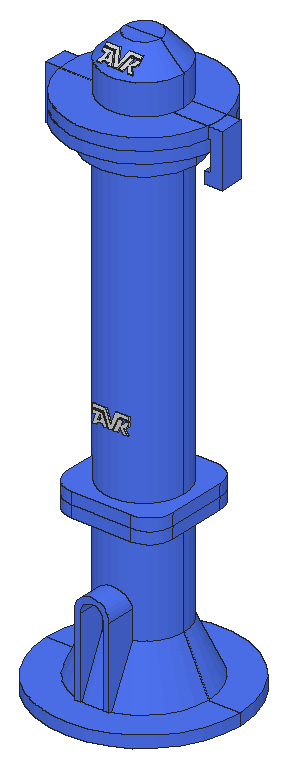
Revit family "35-72-003-DN125", category Pipe Accessories, Revit 2019
Family settings
  Round Connector Dimension = Use Diameter
  Part Type = Valve - Breaks Into
  Work Plane-Based = No
  Always vertical = Yes
  Cut with Voids When Loaded = No
  Shared = No
Parameters (values of type "DN125-1000")
  W = 150.00 mm
  URL product pages = "https://www.avkvalves.com"
  Top_Height_reference = 179.00 mm - 68.00 mm  # 111.00 mm
  Top_Flange_Thickness = Bottom_Flange_Thickness * 2  # 40.00 mm
  Top_Flange = 127.50 mm
  Search_Table = "35-72-003-DN125"
  H6 = size_lookup(Search_Table, "H6", 0.00 mm, [Nominal Diameter (DN)])  # 585.00 mm
  H3 = size_lookup(Search_Table, "H3", 0.00 mm, [Nominal Diameter (DN)])  # 1000.00 mm
  Flange_width_3 = if([Nominal Diameter (DN)] > 125.03 mm, 180.00 mm, if([Nominal Diameter (DN)] > 125.01 mm, 100.00 mm, 100.00 mm))  # 100.00 mm
  Flange_width_2 = Flange_width / 2  # 90.00 mm
  Flange_width = 180.00 mm  # constant formula
  Fillet = 40.00 mm  # constant formula
  Nominal Diameter (DN) = 125.01 mm
  Description_ = "AVK UNDERGROUND FIRE HYDRANT, GOST"
  DN125-4000 = "35-125-72-201000"
  DN125-3750 = "35-125-72-191000"
  DN125-3500 = "35-125-72-181000"
  DN125-3250 = "35-125-72-171000"
  DN125-3000 = "35-125-72-161000"
  DN125-2750 = "35-125-72-151000"
  DN125-2500 = "35-125-72-141000"
  DN125-2250 = "35-125-72-131000"
  DN125-2000 = "35-125-72-121000"
  DN125-1750 = "35-125-72-111000"
  DN125-1500 = "35-125-72-101000"
  DN125-1250 = "35-125-72-091000"
  DN125-1000 = "35-125-72-081000"
  Bottom_Flange_Thickness = 20.00 mm  # constant formula
  Bottom_Flange_Dia = 330.00 mm / 2  # 165.00 mm
  Bottom_Chamfer = 110.00 mm  # constant formula
Types (14, lengths in mm): name | W | URL product pages | Top_Flange | H6 | H3 | Flange_width_3 | Nominal Diameter (DN)
  (no name) | 150.00 | "https://www.avkvalves.com" | 127.50 | 585.00 | 1000.00 | 100.00 | 125.01
  DN125-1000 | 150.00 | "https://www.avkvalves.com" | 127.50 | 585.00 | 1000.00 | 100.00 | 125.01
  DN125-1250 | 127.50 | "https://www.avkvalves.com" | 165.00 | 835.00 | 1250.00 | 100.00 | 125.02
  DN125-1500 | 127.50 | "https://www.avkvalves.com" | 165.00 | 1085.00 | 1500.00 | 100.00 | 125.03
  DN125-1750 | 127.50 | "https://www.avkvalves.com" | 165.00 | 1085.00 | 1750.00 | 180.00 | 125.04
  DN125-2000 | 127.50 | "https://www.avkvalves.com" | 165.00 | 1085.00 | 2000.00 | 180.00 | 125.05
  DN125-2250 | 127.50 | "https://www.avkvalves.com" | 165.00 | 1085.00 | 2250.00 | 180.00 | 125.06
  DN125-2500 | 127.50 | "https://www.avkvalves.com" | 165.00 | 1085.00 | 2500.00 | 180.00 | 125.07
  DN125-2750 | 127.50 | "https://www.avkvalves.com" | 165.00 | 1085.00 | 2750.00 | 180.00 | 125.08
  DN125-3000 | 127.50 | "https://www.avkvalves.com" | 165.00 | 1085.00 | 3000.00 | 180.00 | 125.09
  DN125-3250 | 127.50 | "https://www.avkvalves.com" | 165.00 | 1085.00 | 3250.00 | 180.00 | 125.10
  DN125-3500 | 127.50 | "https://www.avkvalves.com" | 165.00 | 1085.00 | 3500.00 | 180.00 | 125.11
  DN125-3750 | 127.50 | "https://www.avkvalves.com" | 165.00 | 1085.00 | 3750.00 | 180.00 | 125.12
  DN125-4000 | 127.50 | "https://www.avkvalves.com\r\nhttps://www.avkvalves.com\r\nhttps://www.avkvalves.com" | 165.00 | 1085.00 | 4000.00 | 180.00 | 125.13
Reference planes
  plane 1 "Center (Front/Back)": y = 0
  plane 2: z = 0
  plane 3 "Center (Left/Right)": x = 0
  plane 4: z = 280
  plane 5: y = 90
  plane 6: y = -90
  plane 7: x = -90
  plane 8: x = 90
  plane 9: y = 50
  plane 10: y = -50
  plane 11: x = -50
  plane 12: x = 50
  plane 13: y = 90
  plane 14: y = -90
  plane 15: x = -90
  plane 16: x = 90
  plane 17: y = 50
  plane 18: y = -50
  plane 19: x = -50
  plane 20: x = 50
  plane 21: z = 300
  plane 22: z = 320
  plane 23: z = 889
  plane 24: z = 869
  plane 25: z = 909
  plane 26: z = 1000
  plane 27: y = 20
  plane 28: y = -20
  plane 29: z = 304
  plane 30: y = 50
  plane 31: y = -50
  plane 32: x = -50
  plane 33: x = 50
  plane 34: y = 10
  plane 35: y = -10
  plane 36: x = -10
  plane 37: x = 10
  plane 38: z = 324
  plane 39: z = 284
  plane 40: y = 50
  plane 41: y = -50
  plane 42: x = -50
  plane 43: x = 50
  plane 44: y = 10
  plane 45: y = -10
  plane 46: x = -10
  plane 47: x = 10
  plane 48: x = -29.47
  plane 49: x = 29.47
  plane 50: z = 155.963
  plane 51: x = -19.47
  plane 52: x = 19.47
  plane 53: y = -110
Forms (mm)
  Revolve 1, solid, material "Plastic"
    sketch origin (0, 0, 0) x (1, 0, 0) y (0, 0, 1)
      loop
        line (0, 0) -> (165, 0) -> (165, 20) -> (68.5, 20) -> (68.5, 960) -> (30, 1000) -> (0, 1000) -> (0, 0)
      axis (0, 0) -> (0, 1000)
    angle from 0 to 360
  Extrusion 2, solid, material "Plastic"
    sketch origin (-440.08, -1524, 280) x (-1, 0, 0) y (0, -1, 0)
      loop
        arc (-390.08, -1614) -> (-361.796, -1602.284) -> (-350.08, -1574) r 40
        line (-350.08, -1574) -> (-350.08, -1474)
        arc (-350.08, -1474) -> (-361.796, -1445.716) -> (-390.08, -1434) r 40
        line (-390.08, -1434) -> (-490.08, -1434)
        arc (-490.08, -1434) -> (-518.365, -1445.716) -> (-530.08, -1474) r 40
        line (-530.08, -1474) -> (-530.08, -1574)
        arc (-530.08, -1574) -> (-518.365, -1602.284) -> (-490.08, -1614) r 40
        line (-490.08, -1614) -> (-390.08, -1614)
    from 0 to 20
  Extrusion 3, solid, material "Plastic"
    sketch origin (-440.08, -1524, 331.777) x (0, 1, 0) y (1, 0, 0)
      loop
        line (1614, 390.08) -> (1614, 490.08)
        arc (1614, 490.08) -> (1602.284, 518.365) -> (1574, 530.08) r 40
        line (1574, 530.08) -> (1474, 530.08)
        arc (1474, 530.08) -> (1445.716, 518.365) -> (1434, 490.08) r 40
        line (1434, 490.08) -> (1434, 390.08)
        arc (1434, 390.08) -> (1445.716, 361.796) -> (1474, 350.08) r 40
        line (1474, 350.08) -> (1574, 350.08)
        arc (1574, 350.08) -> (1602.284, 361.796) -> (1614, 390.08) r 40
    from 11.777 to 31.777
  Extrusion 4, solid, material "Plastic"
    sketch origin (-440.08, -1524, 893.223) x (-1, 0, 0) y (0, -1, 0)
      loop
        circle (-440.08, -1524) r 127.5
    from -4.223 to 15.777
  Extrusion 5, solid, material "Plastic"
    sketch origin (-440.08, -1524, 916.777) x (0, 1, 0) y (1, 0, 0)
      loop
        circle (1524, 440.08) r 127.5
    from 27.777 to 47.777
  Revolve 6, solid, material "Plastic"
    sketch origin (0, 0, 0) x (1, 0, 0) y (0, 0, 1)
      loop
        line (0, 869) -> (0, 829) -> (90, 829) -> (90, 869) -> (0, 869)
      axis (0, 869) -> (0, 829)
    angle from 0 to 360
  Extrusion 7, solid, material "Plastic"
    sketch origin (0, 0, 0) x (1, 0, 0) y (0, 0, 1)
      loop
        line (0, 909) -> (-150, 909) -> (-150, 819) -> (-120, 819) -> (-120, 839) -> (-130, 839) -> (-130, 889) -> (0, 889) -> (130, 889) -> (130, 839) -> (120, 839) -> (120, 819) -> (150, 819) -> (150, 909) -> (0, 909)
    from -20 to 20
  Extrusion 8, solid, material "Plastic"
    sketch origin (-440.08, -1524, 585.777) x (0, 1, 0) y (1, 0, 0)
      loop
        line (1574, 430.08) -> (1574, 450.08)
        arc (1574, 450.08) -> (1562.284, 478.365) -> (1534, 490.08) r 40
        line (1534, 490.08) -> (1514, 490.08)
        arc (1514, 490.08) -> (1485.716, 478.365) -> (1474, 450.08) r 40
        line (1474, 450.08) -> (1474, 430.08)
        arc (1474, 430.08) -> (1485.716, 401.796) -> (1514, 390.08) r 40
        line (1514, 390.08) -> (1534, 390.08)
        arc (1534, 390.08) -> (1562.284, 401.796) -> (1574, 430.08) r 40
    from 261.777 to 281.777
  Revolve 9, solid, material "Plastic"
    sketch origin (0, 0, 0) x (1, 0, 0) y (0, 0, 1)
      loop
        line (0, 110) -> (0, 20) -> (110, 20) -> (68.5, 110) -> (0, 110)
      loop
        line (0, 0) -> (0, -2) -> (110, -2) -> (110, 0) -> (0, 0)
      axis (0, -2) -> (0, 110)
    angle from 0 to 360
  Extrusion 10, solid, material "Plastic"
    sketch origin (-440.08, -1524, 522.223) x (-1, 0, 0) y (0, -1, 0)
      loop
        arc (-430.08, -1574) -> (-401.796, -1562.284) -> (-390.08, -1534) r 40
        line (-390.08, -1534) -> (-390.08, -1514)
        arc (-390.08, -1514) -> (-401.796, -1485.716) -> (-430.08, -1474) r 40
        line (-430.08, -1474) -> (-450.08, -1474)
        arc (-450.08, -1474) -> (-478.365, -1485.716) -> (-490.08, -1514) r 40
        line (-490.08, -1514) -> (-490.08, -1534)
        arc (-490.08, -1534) -> (-478.365, -1562.284) -> (-450.08, -1574) r 40
        line (-450.08, -1574) -> (-430.08, -1574)
    from -238.223 to -218.223
  Extrusion 11, solid, material "Plastic"
    sketch origin (0, 0, 0) x (1, 0, 0) y (0, 0, 1)
      loop
        line (-29.47, 20) -> (-19.47, 20) -> (-19.47, 155.963)
        arc (-19.47, 155.963) -> (0, 175.433) -> (19.47, 155.963) r 19.47
        line (19.47, 155.963) -> (19.47, 20) -> (29.47, 20) -> (29.47, 155.963)
        arc (29.47, 155.963) -> (0, 185.433) -> (-29.47, 155.963) r 29.47
        line (-29.47, 155.963) -> (-29.47, 20)
    from 0 to 110
Dimensions and locks
  "Bottom_Flange_Thickness": Revolve 1 sketch curve to Revolve 1 sketch curve
  "Bottom_Flange_Dia": Revolve 1 sketch curve to Revolve 1 sketch curve
  equal spacing: plane 7, plane 3 "Center (Left/Right)", plane 8
  equal spacing: plane 6, plane 1 "Center (Front/Back)", plane 5
  "Fillet": plane 9 to plane 5
  "Fillet": plane 10 to plane 6
  "Fillet": plane 7 to plane 11
  "Fillet": plane 12 to plane 8
  "Flange_width": plane 6 to plane 5
  "Flange_width": plane 7 to plane 8
  "Fillet": plane 13 to plane 17
  "Fillet": plane 14 to plane 18
  "Fillet": plane 15 to plane 19
  "Fillet": plane 20 to plane 16
  "Flange_width": plane 13 to plane 14
  "Flange_width": plane 15 to plane 16
  equal spacing: plane 15, plane 3 "Center (Left/Right)", plane 16
  equal spacing: plane 14, plane 1 "Center (Front/Back)", plane 13
  plane 21 to plane 4 = 20.00 mm
  equal spacing: plane 22, plane 21, plane 4
  plane 23 to plane 24 = 20.00 mm
  equal spacing: plane 25, plane 23, plane 24
  "Flange_width_2": Revolve 6 sketch curve to Revolve 6 sketch curve
  "Top_Flange_Thickness": Revolve 6 sketch curve to Revolve 6 sketch curve
  "H3": plane 26 to level
  "Fillet": Revolve 1 sketch curve to Revolve 1 sketch curve
  "W": Extrusion 7 sketch curve to plane 3 "Center (Left/Right)"
  "Flange_width_2": Extrusion 7 sketch curve to Extrusion 7 sketch curve
  "Bottom_Flange_Thickness": Extrusion 7 sketch curve to Extrusion 7 sketch curve  (x5)
  equal spacing: plane 27, plane 1 "Center (Front/Back)", plane 28
  "Fillet": plane 27 to plane 28
  "Top_Height_reference": plane 26 to plane 23
  "H6": plane 23 to plane 29
  "Fillet": plane 30 to plane 34
  "Fillet": plane 31 to plane 35
  "Fillet": plane 32 to plane 36
  "Fillet": plane 37 to plane 33
  "Flange_width_3": plane 30 to plane 31
  "Flange_width_3": plane 32 to plane 33
  equal spacing: plane 32, plane 3 "Center (Left/Right)", plane 33
  equal spacing: plane 31, plane 1 "Center (Front/Back)", plane 30
  equal spacing: plane 38, plane 29, plane 39
  plane 29 to plane 39 = 20.00 mm
  "Bottom_Chamfer": Revolve 9 sketch curve to Revolve 9 sketch curve
  Revolve 9 sketch curve to Revolve 9 sketch curve = 90.00 mm
  Revolve 1 to Revolve 9 sketch curve = 2.00 mm
  plane 21 to level = 300.00 mm
  "Fillet": plane 44 to plane 40
  "Fillet": plane 45 to plane 41
  "Fillet": plane 42 to plane 46
  "Fillet": plane 47 to plane 43
  "Flange_width_3": plane 41 to plane 40
  "Flange_width_3": plane 42 to plane 43
  equal spacing: plane 41, plane 1 "Center (Front/Back)", plane 40
  equal spacing: plane 42, plane 3 "Center (Left/Right)", plane 43
  equal spacing: Extrusion 7 sketch curve, plane 3 "Center (Left/Right)", Extrusion 7 sketch curve
  equal spacing: plane 48, plane 3 "Center (Left/Right)", plane 49
  plane 50 to Revolve 1 = 135.963 mm
  plane 48 to plane 49 = 58.94 mm
  "Fillet": radius of Extrusion 2 sketch curve  (x4)
  "Fillet": radius of Extrusion 3 sketch curve  (x4)
  "Top_Flange": radius of Extrusion 4 sketch curve
  "Top_Flange": radius of Extrusion 5 sketch curve
  "Fillet": radius of Extrusion 8 sketch curve  (x4)
  "Fillet": radius of Extrusion 10 sketch curve  (x4)
  radius of Extrusion 11 sketch curve = 29.47 mm
  radius of Extrusion 11 sketch curve = 19.47 mm
  aligned and locked: level to plane 2
  aligned and locked: Revolve 1 sketch curve to Revolve 1 sketch curve
  aligned and locked: plane 11 to Extrusion 2 sketch curve  (x2)
  aligned and locked: plane 5 to Extrusion 2 sketch curve  (x2)
  aligned and locked: plane 7 to Extrusion 2 sketch curve  (x2)
  aligned and locked: plane 9 to Extrusion 2 sketch curve  (x2)
  aligned and locked: plane 12 to Extrusion 2 sketch curve  (x2)
  aligned and locked: plane 8 to Extrusion 2 sketch curve  (x2)
  aligned and locked: plane 6 to Extrusion 2 sketch curve  (x2)
  aligned and locked: plane 10 to Extrusion 2 sketch curve  (x2)
  aligned and locked: plane 19 to Extrusion 3 sketch curve  (x2)
  aligned and locked: Extrusion 3 sketch curve to plane 13  (x2)
  aligned and locked: plane 15 to Extrusion 3 sketch curve  (x2)
  aligned and locked: Extrusion 3 sketch curve to plane 17  (x2)
  aligned and locked: plane 20 to Extrusion 3 sketch curve  (x2)
  aligned and locked: plane 16 to Extrusion 3 sketch curve  (x2)
  aligned and locked: Extrusion 3 sketch curve to plane 14  (x2)
  aligned and locked: Extrusion 3 sketch curve to plane 18  (x2)
  aligned and locked: plane 21 to Extrusion 2
  aligned and locked: Extrusion 3 to Extrusion 2
  aligned and locked: plane 22 to Extrusion 3
  aligned and locked: Extrusion 4 to plane 23
  aligned and locked: Extrusion 4 to plane 25
  aligned and locked: plane 23 to Extrusion 5
  aligned and locked: Extrusion 5 to plane 24
  aligned and locked: plane 3 "Center (Left/Right)" to Revolve 6 sketch curve
  aligned and locked: Extrusion 5 to Revolve 6 sketch curve
  aligned and locked: Revolve 6 sketch curve to plane 3 "Center (Left/Right)"
  aligned and locked: Revolve 1 sketch curve to level
  aligned and locked: Revolve 1 sketch curve to plane 26
  aligned and locked: Extrusion 7 sketch curve to plane 25
  aligned and locked: Extrusion 7 sketch curve to Extrusion 7 sketch curve
  aligned and locked: Extrusion 7 to plane 27
  aligned and locked: plane 28 to Extrusion 7
  aligned and locked: plane 36 to Extrusion 8 sketch curve  (x2)
  aligned and locked: Extrusion 8 sketch curve to plane 30  (x2)
  aligned and locked: plane 32 to Extrusion 8 sketch curve  (x2)
  aligned and locked: Extrusion 8 sketch curve to plane 34  (x2)
  aligned and locked: plane 37 to Extrusion 8 sketch curve  (x2)
  aligned and locked: plane 33 to Extrusion 8 sketch curve  (x2)
  aligned and locked: Extrusion 8 sketch curve to plane 31  (x2)
  aligned and locked: Extrusion 8 sketch curve to plane 35  (x2)
  aligned and locked: Extrusion 8 to plane 29
  aligned and locked: Extrusion 8 to plane 38
  aligned and locked: plane 3 "Center (Left/Right)" to Revolve 9 sketch curve  (x2)
  aligned and locked: Revolve 1 to Revolve 9 sketch curve
  aligned and locked: Revolve 9 sketch curve to Revolve 9 sketch curve  (x2)
  aligned and locked: Revolve 9 sketch curve to Revolve 1
  aligned and locked: plane 46 to Extrusion 10 sketch curve  (x2)
  aligned and locked: plane 40 to Extrusion 10 sketch curve  (x2)
  aligned and locked: plane 42 to Extrusion 10 sketch curve  (x2)
  aligned and locked: plane 44 to Extrusion 10 sketch curve  (x2)
  aligned and locked: plane 47 to Extrusion 10 sketch curve  (x2)
  aligned and locked: plane 43 to Extrusion 10 sketch curve  (x2)
  aligned and locked: plane 41 to Extrusion 10 sketch curve  (x2)
  aligned and locked: plane 45 to Extrusion 10 sketch curve  (x2)
  aligned and locked: plane 29 to Extrusion 10
  aligned and locked: plane 39 to Extrusion 10
  aligned and locked: nested 2 to plane 3 "Center (Left/Right)"
  aligned and locked: plane 48 to Extrusion 11 sketch curve  (x2)
  aligned and locked: plane 50 to Extrusion 11 sketch curve  (x4)
  aligned and locked: plane 49 to Extrusion 11 sketch curve
  aligned and locked: plane 52 to Extrusion 11 sketch curve
  aligned and locked: Revolve 1 to Extrusion 11 sketch curve
  aligned and locked: Extrusion 11 sketch curve to Revolve 1
  aligned and locked: Extrusion 11 to plane 53
  aligned and locked: Extrusion 11 to plane 1 "Center (Front/Back)"
Automatic sketch dimensions
  Revolve 1 sketch curve to plane 3 "Center (Left/Right)" = 0.00 mm
  plane 3 "Center (Left/Right)" to Revolve 1 sketch curve = 30.00 mm
  plane 3 "Center (Left/Right)" to Revolve 1 sketch curve = 68.50 mm
  Revolve 1 sketch curve to level = 36.00 mm
  plane 38 to Revolve 1 sketch curve = 6.00 mm
  plane 1 "Center (Front/Back)" to Extrusion 4 sketch curve = 0.00 mm
  Extrusion 4 sketch curve to plane 3 "Center (Left/Right)" = 0.00 mm
  plane 1 "Center (Front/Back)" to Extrusion 5 sketch curve = 0.00 mm
  Extrusion 5 sketch curve to plane 3 "Center (Left/Right)" = 0.00 mm
  Revolve 6 sketch curve to Revolve 6 sketch curve = 100.00 mm
  Revolve 6 sketch curve to Revolve 6 sketch curve = 30.00 mm
  Extrusion 7 sketch curve to plane 3 "Center (Left/Right)" = 0.00 mm  (x2)
  Extrusion 7 sketch curve to Extrusion 7 sketch curve = 10.00 mm  (x2)
  Revolve 9 sketch curve to plane 22 = 0.00 mm
  plane 3 "Center (Left/Right)" to Revolve 9 sketch curve = 68.50 mm
  Revolve 9 sketch curve to plane 39 = 1.00 mm
Nested families
  nested 1: "Family2" at (0.171, -59.421, 969.432) x (1, 0.0015, -0.0014) z (0.0021, -0.7205, 0.6935), type "Family2"
  nested 2: "New" at (0, -68.5, 423.881) x (1, 0, 0) z (0, -1, 0), type "New"
Connectors
  piping at (0, 0, 0), diameter 125.01, driven by "Nominal Diameter (DN)"
    settings: on Revolve 1, index 1, connector inside diameter 609.6 mm, connector length 0.00 mm, flow factor 0, pipe flow 0.0 L/s, pressure drop 0.0 Pa, fitting loss kfactor 0, connector angle 0.00°, fixture units 0, engagement length 0.00 mm, angle of deflection 0.00°, flow configuration 0, flow direction 0, fitting loss method 0, system type 19, joint type 0, gender type 0, connector reference index -1, connector utility 0, adjustable connector no, is connector primary yes, connector description ""
Definition of nested family "Family2"
  Parameters
    Default Elevation = 1219.20 mm
  Reference planes
    plane 1 "Center (Front/Back)": y = 0
    plane 2: z = 0
    plane 3 "Center (Left/Right)": x = 0
  Forms (mm)
    Extrusion 1, solid
      sketch origin (0, 0, 0) x (1, 0, 0) y (0, 1, 0)
        loop
          line (-1219.2, 1219.2) -> (-1219.2, -1219.2) -> (1219.2, -1219.2) -> (1219.2, 1219.2) -> (-1219.2, 1219.2)
      from 0 to -304.8
    Extrusion 2, solid
      sketch origin (0, 0, 0) x (1, 0, 0) y (0, 1, 0)
        loop
          line (-8.384, 29.417) -> (-30.888, 29.417) -> (-30.888, 23.313) -> (-12.569, 23.313) -> (-3.077, 0) -> (3.077, 0) -> (12.569, 23.313) -> (30.888, 23.313) -> (30.888, 29.417) -> (8.384, 29.417) -> (0, 8.825) -> (-8.384, 29.417)
        loop
          line (-30.888, 20.96) -> (-30.888, 15.076) -> (-25.101, 15.076) -> (-30.888, 0) -> (-24.35, 0) -> (-23.108, 3.236) -> (-13.526, 3.236) -> (-12.208, 0) -> (-5.618, 0) -> (-14.151, 20.96) -> (-30.888, 20.96)
        loop
          line (-21.592, 8.825) -> (-15.802, 8.825) -> (-18.782, 16.146) -> (-21.592, 8.825)
        loop
          line (5.618, 0) -> (12.208, 0) -> (15.564, 8.241) -> (21.774, 0) -> (29.417, 0) -> (22.393, 9.322)
          arc (22.393, 9.322) -> (26.49, 11.343) -> (29.123, 15.076) r 9.266
          line (29.123, 15.076) -> (30.888, 15.076) -> (30.888, 20.96) -> (25.005, 20.96)
          arc (25.005, 20.96) -> (22.86, 15.649) -> (17.63, 13.316) r 7.648
          line (17.63, 13.316) -> (20.742, 20.96) -> (14.151, 20.96) -> (5.618, 0)
      from 0 to 1
  Dimensions and locks
    aligned and locked: plane 2 to Extrusion 1
    aligned and locked: level to Extrusion 1
Definition of nested family "New"
  Parameters
    Default Elevation = 1219.20 mm
  Reference planes
    plane 1 "Center (Front/Back)": y = 0
    plane 2: z = 0
    plane 3 "Center (Left/Right)": x = 0
  Forms (mm)
    Extrusion 1, solid
      sketch origin (0, 0, 0) x (1, 0, 0) y (0, 1, 0)
        loop
          line (-1219.2, 1219.2) -> (-1219.2, -1219.2) -> (1219.2, -1219.2) -> (1219.2, 1219.2) -> (-1219.2, 1219.2)
      from 0 to -304.8
    Extrusion 2, solid
      sketch origin (0, 0, 0) x (1, 0, 0) y (0, 1, 0)
        loop
          line (-8.384, 29.417) -> (-30.888, 29.417) -> (-30.888, 23.313) -> (-12.569, 23.313) -> (-3.077, 0) -> (3.077, 0) -> (12.569, 23.313) -> (30.888, 23.313) -> (30.888, 29.417) -> (8.384, 29.417) -> (0, 8.825) -> (-8.384, 29.417)
        loop
          line (-30.888, 20.96) -> (-30.888, 15.076) -> (-25.101, 15.076) -> (-30.888, 0) -> (-24.35, 0) -> (-23.108, 3.236) -> (-13.526, 3.236) -> (-12.208, 0) -> (-5.618, 0) -> (-14.151, 20.96) -> (-30.888, 20.96)
        loop
          line (-21.592, 8.825) -> (-15.802, 8.825) -> (-18.782, 16.146) -> (-21.592, 8.825)
        loop
          line (5.618, 0) -> (12.208, 0) -> (15.564, 8.241) -> (21.774, 0) -> (29.417, 0) -> (22.393, 9.322)
          arc (22.393, 9.322) -> (26.49, 11.343) -> (29.123, 15.076) r 9.266
          line (29.123, 15.076) -> (30.888, 15.076) -> (30.888, 20.96) -> (25.005, 20.96)
          arc (25.005, 20.96) -> (22.86, 15.649) -> (17.63, 13.316) r 7.648
          line (17.63, 13.316) -> (20.742, 20.96) -> (14.151, 20.96) -> (5.618, 0)
      from 0 to 1
  Dimensions and locks
    aligned and locked: plane 2 to Extrusion 1
    aligned and locked: level to Extrusion 1
